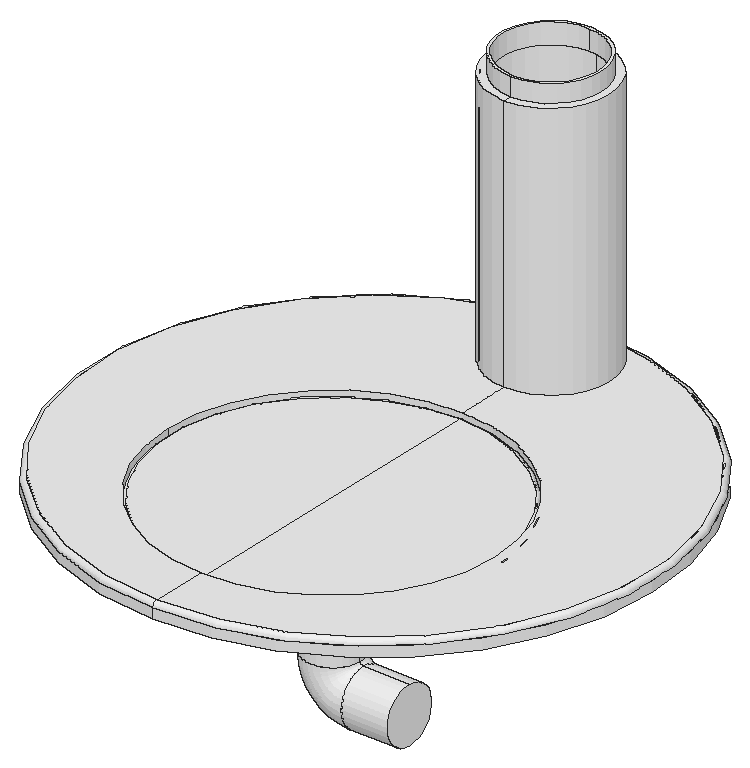
Revit family "HydroTap_Accessory_Zip_Font", category Plumbing Fixtures, Revit 2018
Family settings
  Round Connector Dimension = Use Diameter
  Part Type = Normal
  OmniClass Number = 23.45.55.11
  OmniClass Title = Sanitary Components
  Work Plane-Based = Yes
  Always vertical = Yes
  Cut with Voids When Loaded = No
  Shared = No
  Room Calculation Point = No
Parameters (values of type "Brushed Chrome (Z01)")
  Waste Connection = yes
  Vent Connection = no
  Uniclass2015Version = "Products v1.17"
  Uniclass2015Title = "Instant boiling and cold water taps"
  Uniclass2015Code = "Pr_40_70_23_42"
  URL = "https://www.zipwater.com/"
  Type Comments = "Brushed Chrome Finish"
  ModifiedIssue = 20210323
  Model = "Z01"
  ManufacturerURLProductSpecific = "https://www.zipwater.com/shop/hydrotap-accessories"
  ManufacturerSpecCode = "90915Z01"
  ManufacturerOverallWidth = 218.5 mm  # constant formula
  ManufacturerOverallHeight = 179.4 mm  # constant formula
  ManufacturerOverallDepth = 218.5 mm  # constant formula
  ManufacturerHeightFromFFL [instance] = 0 mm
  Manufacturer = "Zip Australia"
  IfcExportType = "NOTDEFINED"
  IfcExportAs = "IfcWasteTerminal"
  HW Connection = no
  FixtureMaterial = Metal_BrushedChrome_Zip
  Description = "Integrated Tap Font for HydroTap"
  Default Elevation = 0 mm
  CreatedBy = "IGS BIM Solutions"  # constant formula
  CreatedByURL = "https://igsgroup.com.au"
  CW Connection = no
Types (9, lengths in mm): name | Type Comments | Model | ManufacturerSpecCode | FixtureMaterial
  Brushed Gold (Z07) | "Brushed Gold Finish" | "Z07" | "90915Z07" | Metal_BrushedGold_Zip
  Matte White (Z14) | "Matte White Finish" | "Z14" | "90915Z14" | Metal_MatteWhite_Zip
  Brushed Stainless Steel (Z13) | "Brushed Stainless Steel Finish" | "Z13" | "90915Z13" | Metal_BrushedStainlessSteel_Zip
  Brushed Nickel (Z11) | "Brushed Nickel Finish" | "Z11" | "90915Z11" | Metal_BrushedNickel_Zip
  Gunmetal (Z09) | "Gunmetal Finish" | "Z09" | "90915Z09" | Metal_Gunmetal_Zip
  Brushed Rose Gold (Z05) | "Brushed Rose Gold Finish" | "Z05" | "90915Z05" | Metal_BrushedRoseGold_Zip
  Chrome (Z00) | "Chrome Finish" | "Z00" | "90915Z00" | Metal_Chrome_Zip
  Matte Black (Z03) | "Matte Black Finish" | "Z03" | "90915Z03" | Metal_MatteBlack_Zip
  Brushed Chrome (Z01) | "Brushed Chrome Finish" | "Z01" | "90915Z01" | Metal_BrushedChrome_Zip
Reference planes
  plane 1 "Ref. Level": z = 0
  plane 2 "Center (Left/Right)": x = 1
  plane 3 "Right": x = 110.25
  plane 4 "Left": x = -108.25
  plane 5 "Bottom": z = -72.4
  plane 6 "Top": z = 107
  plane 7 "Back": y = 124.25
  plane 8 "Center (Front/Back)": y = 15
  plane 9 "Front": y = -94.25
  plane 10 "Top of benchtop": z = 0
  plane 11 "Center of Tap": y = 101.25
  plane 12: z = -10.355
  plane 13: z = -9.304
  plane 14: z = -12.227
  plane 15: z = -11.435
Forms (mm)
  Revolve 1, solid, material "Metal_BrushedChrome_Zip" <- "FixtureMaterial", detail levels fine
    sketch origin (1, 0, 0) x (0, 1, 0) y (0, 0, 1)
      loop
        line (124.25, 0) -> (124.25, 3.974)
        arc (124.25, 3.974) -> (123.664, 5.388) -> (122.25, 5.974) r 2
        line (122.25, 5.974) -> (15, 5.974) -> (15, 0) -> (124.25, 0)
      axis (15, 0) -> (15, 5.974)
    angle from 0 to 360
  Revolve 2, solid, material "Metal_BrushedChrome_Zip" <- "FixtureMaterial", detail levels fine
    sketch origin (1, -42.762, 0) x (0, 1, 0) y (0, 0, 1)
      loop
        line (36.06, 4.25) -> (36.06, 1.75) -> (99.283, 1.75)
        arc (99.283, 1.75) -> (100.533, 3) -> (99.283, 4.25) r 1.25
        line (99.283, 4.25) -> (36.06, 4.25)
      axis (36.06, 1.75) -> (36.06, 4.25)
    angle from 0 to 360
  Extrusion 3, void
    sketch origin (0, 0, -72.4) x (-1, 0, 0) y (0, -1, 0)
      loop
        circle (-1, 6.368) r 64.47
    from 82.937 to 73.88
  Extrusion 4, void
    sketch origin (0, 0, -72.4) x (-1, 0, 0) y (0, -1, 0)
      loop
        circle (-1, -101.25) r 22
    from 70.539 to 79.039
  Revolve 5, solid, material "Metal_BrushedChrome_Zip" <- "FixtureMaterial", detail levels fine
    sketch origin (1, 0.312, 0) x (0, 1, 0) y (0, 0, 1)
      loop
        line (123.937, 107) -> (120.759, 107) -> (120.759, 114) -> (119.759, 114) -> (119.759, 106) -> (122.937, 106) -> (122.937, 5.975) -> (123.937, 5.975) -> (123.937, 107)
      axis (100.937, 5.975) -> (100.937, 114)
    angle from 0 to 360
  Sweep 6, solid, material "Metal_BrushedChrome_Zip" <- "FixtureMaterial", detail levels fine
    path origin (-4.83, 15, 0) x (-1, 0, 0) y (0, 0, 1)
      loop
        line (-35.982, -61.914) -> (-17.758, -61.914)
        arc (-17.758, -61.914) -> (-9.272, -58.399) -> (-5.758, -49.914) r 12
        line (-5.758, -49.914) -> (-5.758, -21.23)
    profile origin (22.04, 15, -61.914) x (0, 0, 1) y (0, 1, 0)
      loop
        circle (0, -20.891) r 10.75
  Extrusion 7, solid, material "Metal_BrushedChrome_Zip" <- "FixtureMaterial", detail levels fine
    sketch origin (0, 0, -72.4) x (-1, 0, 0) y (0, -1, 0)
      loop
        line (-9.925, -10.009) -> (8.07, -10.009) -> (17.196, 5.506) -> (8.07, 21.021) -> (-9.925, 21.021) -> (-19.051, 5.506) -> (-9.925, -10.009)
    from 51.17 to 60.17
  Revolve 8, solid, material "Metal_BrushedChrome_Zip" <- "FixtureMaterial", detail levels fine
    sketch origin (1, 0, 0) x (0, 1, 0) y (0, 0, 1)
      loop
        line (-5, 0) -> (-56.63, 0)
        arc (-56.63, 0) -> (-42.539, -5.963) -> (-27.608, -9.304) r 85.044
        arc (-27.608, -9.304) -> (-26.887, -9.65) -> (-26.509, -10.355) r 1.285
        line (-26.509, -10.355) -> (-26.319, -11.435)
        arc (-26.319, -11.435) -> (-25.991, -12.003) -> (-25.375, -12.227) r 0.959
        line (-25.375, -12.227) -> (-5, -12.227) -> (-5, 0)
      axis (-5, 0) -> (-5, -12.227)
    angle from 0 to 360
  Extrusion 9, solid, material "Metal_BrushedChrome_Zip" <- "FixtureMaterial", detail levels coarse+medium
    sketch origin (0, 0, 0) x (-1, 0, 0) y (0, -1, 0)
      loop
        circle (-1, -15) r 109.25
    from 0 to 5.974
  Extrusion 10, solid, material "Metal_BrushedChrome_Zip" <- "FixtureMaterial", detail levels coarse+medium
    sketch origin (0, 0, 0) x (-1, 0, 0) y (0, -1, 0)
      loop
        circle (-1, -101.25) r 23
    from 0 to 107
Cuts and joins
  Extrusion 3, Extrusion 4 cuts Revolve 1
Lines and regions (mm)
  Masking region 1
    outline origin (0, 0, 0) x (1, 0, 0) y (0, 1, 0)
      loop
        circle (1, 15) r 109.25
  symbolic lines, style "Taps/Mixers", detail levels medium+fine
    curve 1: circle (1, -6.368, 107) r 64.47 normal (0, 0, 1)
  model lines, style "Taps/Mixers"
    curve 2: circle (1, -6.368, 5.974) r 64.47 normal (0, 0, 1)
Text (mm)
  text "Disclaimer:\nDue to ongoing product development and manufacturing evolution, product details are subject to change without notice. Please refer to product technical data sheets on the manufacturers website for the most current product information. Please allow a +/- 5mm manufacturing tolerance for dimensions and set-outs shown in product literature." at (425.556, 214.522, 0), in view "Ref. Level_Instruction"
Dimensions and locks
  "ManufacturerOverallWidth": plane 4 "Left" to plane 3 "Right"
  "ManufacturerOverallDepth": plane 7 "Back" to plane 9 "Front"
  equal spacing: plane 4 "Left", plane 2 "Center (Left/Right)", plane 3 "Right"
  equal spacing: plane 7 "Back", plane 8 "Center (Front/Back)", plane 9 "Front"
  "ManufacturerOverallHeight": plane 6 "Top" to plane 5 "Bottom"
  plane 6 "Top" to plane 10 "Top of benchtop" = 107 mm
  "ManufacturerHeightFromFFL": plane 10 "Top of benchtop" to plane 1 "Ref. Level"
  plane 7 "Back" to plane 11 "Center of Tap" = 23 mm
  locked: Revolve 1 sketch curve to plane 10 "Top of benchtop" at 5.974
  locked: Revolve 5 sketch curve to plane 10 "Top of benchtop" at 5.975
  Revolve 2 sketch curve to Revolve 2 sketch curve to plane 10 "Top of benchtop" = 2.5 mm locked, 1.75 mm locked
  Sweep 6 sketch curve to Sweep 6 sketch curve to plane 5 "Bottom" = 40.684 mm locked, 10.486 mm locked
  plane 10 "Top of benchtop" to plane 13 to plane 12 to plane 15 to plane 14 = 9.304 mm locked, 1.051 mm locked, 1.08 mm locked, 0.792 mm locked
  aligned and locked: Extrusion 9 to cut or joined group of Revolve 1, Extrusion 3, Extrusion 4
  aligned and locked: plane 6 "Top" to Extrusion 10
  aligned and locked: Revolve 1 sketch curve to plane 10 "Top of benchtop"
  aligned and locked: Revolve 8 sketch curve to plane 10 "Top of benchtop"
  aligned and locked: plane 12 to Revolve 8 sketch curve
  aligned and locked: plane 13 to Revolve 8 sketch curve
  aligned and locked: plane 15 to Revolve 8 sketch curve
Automatic sketch dimensions
  Revolve 2 sketch curve to plane 10 "Top of benchtop" = 0 mm
  Revolve 2 sketch curve to plane 8 "Center (Front/Back)" = 21.702 mm
  Revolve 2 sketch curve to plane 7 "Back" = 67.729 mm
  Revolve 2 sketch curve to Revolve 2 sketch curve = 0 mm
  Revolve 2 sketch curve to Revolve 2 sketch curve = 19.522 mm
  Extrusion 3 sketch curve to plane 2 "Center (Left/Right)" = 0 mm
  Extrusion 3 sketch curve to plane 8 "Center (Front/Back)" = 21.368 mm
  Sweep 6 sketch curve to plane 8 "Center (Front/Back)" = 20.891 mm
  profile plane to Sweep 6 sketch curve = 0 mm
  plane 2 "Center (Left/Right)" to Extrusion 7 sketch curve = 18.051 mm
  plane 2 "Center (Left/Right)" to Extrusion 7 sketch curve = 8.925 mm  (x2)
  Extrusion 7 sketch curve to plane 2 "Center (Left/Right)" = 9.07 mm  (x2)
  Extrusion 7 sketch curve to Extrusion 7 sketch curve = 9.126 mm
  Extrusion 7 sketch curve to plane 8 "Center (Front/Back)" = 4.991 mm
  Extrusion 7 sketch curve to Extrusion 7 sketch curve = 15.515 mm  (x3)
  Masking region 1 sketch curve to plane 2 "Center (Left/Right)" = 0 mm
  Masking region 1 sketch curve to plane 8 "Center (Front/Back)" = 0 mm
  curve 1 to plane 2 "Center (Left/Right)" = 0 mm
  curve 1 to plane 8 "Center (Front/Back)" = 21.368 mm
  plane 2 "Center (Left/Right)" to Sweep 6 sketch curve = 11.928 mm
  Sweep 6 sketch curve to plane 2 "Center (Left/Right)" = 0.072 mm
  Sweep 6 sketch curve to Sweep 6 sketch curve = 18.224 mm
  Extrusion 9 sketch curve to plane 2 "Center (Left/Right)" = 0 mm
  Extrusion 9 sketch curve to plane 8 "Center (Front/Back)" = 0 mm
  Extrusion 4 sketch curve to plane 2 "Center (Left/Right)" = 0 mm
  Extrusion 4 sketch curve to plane 7 "Back" = 23 mm
  Extrusion 10 sketch curve to plane 2 "Center (Left/Right)" = 0 mm
  Extrusion 10 sketch curve to plane 7 "Back" = 23 mm
  Revolve 1 sketch curve to plane 8 "Center (Front/Back)" = 0 mm  (x2)
  Revolve 1 sketch curve to plane 7 "Back" = 0 mm
  Revolve 1 sketch curve to plane 7 "Back" = 2 mm
  Revolve 1 sketch curve to Revolve 1 sketch curve = 1.019 mm
  Revolve 1 sketch curve to Revolve 1 sketch curve = 19.449 mm
  Revolve 5 sketch curve to plane 11 "Center of Tap" = 0 mm
  Revolve 5 sketch curve to plane 6 "Top" = 0 mm
  Revolve 5 sketch curve to plane 7 "Back" = 4.178 mm
  Revolve 5 sketch curve to Revolve 5 sketch curve = 1 mm
  Revolve 5 sketch curve to plane 7 "Back" = 1 mm
  Revolve 5 sketch curve to plane 7 "Back" = 0 mm
  Revolve 5 sketch curve to plane 6 "Top" = 1 mm
  plane 6 "Top" to Revolve 5 sketch curve = 7 mm
  level to Revolve 5 sketch curve = 0.174 mm
  Revolve 5 sketch curve to Revolve 5 sketch curve = 61.939 mm
  Revolve 8 sketch curve to plane 13 = 0 mm
  Revolve 8 sketch curve to plane 14 = 0 mm
  plane 9 "Front" to Revolve 8 sketch curve = 37.62 mm
  Revolve 8 sketch curve to plane 12 = 0.223 mm
  Revolve 8 sketch curve to Revolve 8 sketch curve = 28.855 mm
  Revolve 8 sketch curve to Revolve 8 sketch curve = 1.265 mm
  Revolve 8 sketch curve to Revolve 8 sketch curve = 0.19 mm
  Revolve 8 sketch curve to Revolve 8 sketch curve = 0.944 mm
  Revolve 8 sketch curve to plane 8 "Center (Front/Back)" = 20 mm  (x2)
  Revolve 8 sketch curve to plane 5 "Bottom" = 4.83 mm
  level to Revolve 8 sketch curve = 32.82 mm
  radius of Extrusion 3 sketch curve = 64.47 mm
  radius of Sweep 6 sketch curve = 10.75 mm
  radius of Masking region 1 sketch curve = 109.25 mm
  radius of curve 1 = 64.47 mm
  radius of Extrusion 9 sketch curve = 109.25 mm
  radius of Extrusion 4 sketch curve = 22 mm
  radius of Extrusion 10 sketch curve = 23 mm
  radius of curve 2 = 64.47 mm
